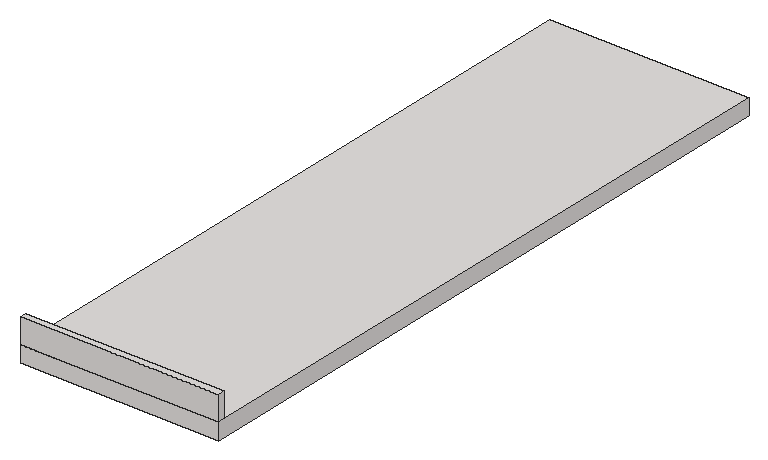
Revit family "Bancada_Ponta_Seca_Lab", category Plumbing Fixtures, host Wall, Revit 2020
Family settings
  Host = Wall
  Round Connector Dimension = Use Diameter
  Part Type = Normal
  Always vertical = Yes
  Cut with Voids When Loaded = No
  Shared = No
  Room Calculation Point = Yes
Parameters (values of type "BAN_060x090_PON_SEC_LAB")
  Material_Bancada [instance] = CT_Bancadas_Labs
  Description = "Descrição do tipo"
  Default Elevation = 0.000 m
  Bancada_Profundidade = 0.600 m
  Bancada_Frente [instance] = 2.000 m
  Bancada_Altura = 0.900 m
Reference planes (m)
  plane 1: y = 0
  plane 2 "Back": y = 0.075
  plane 3: z = 0.9
  plane 4: x = -1.082628
  plane 5: x = -0.482628
  plane 6: y = 2.075
  plane 7: z = 0.85
  plane 8: z = 0.975
  plane 9: x = -0.782628
Forms (m)
  Extrusion 1, solid, material "CT_Bancadas_Labs" <- "Material_Bancada"
    sketch origin (0, 0, 0) x (1, 0, 0) y (0, 1, 0)
      loop
        line (-1.082628, 2.075) -> (-1.082628, 0.075) -> (-0.482628, 0.075) -> (-0.482628, 2.075) -> (-1.082628, 2.075)
    from 0.85 to 0.9
  Extrusion 2, solid, material "CT_Bancadas_Labs" <- "Material_Bancada"
    sketch origin (0, 0, 0) x (1, 0, 0) y (0, 1, 0)
      loop
        line (-1.082628, 0.075) -> (-0.482628, 0.075) -> (-0.482628, 0.095) -> (-1.082628, 0.095) -> (-1.082628, 0.075)
    from 0.9 to 0.975
Text (m)
  text "Frente" at (-1.787139, 0.59235, 0), in view "Ref. Level"
  text "Placement side" at (0, 1.827695, 2.917686), in view "Left"
  text "Placement side" at (0, 0.562268, 3.853606), in view "Right"
Dimensions and locks (m)
  locked: plane 2 "Back" to host wall
  "Bancada_Altura": level to plane 3
  "Bancada_Profundidade": plane 4 to plane 5
  plane 7 to plane 3 = 0.050 m
  "Bancada_Frente": plane 6 to plane 2 "Back"
  locked: plane 3 to plane 8 at 0.075
  locked: host wall to Extrusion 2 sketch curve at 0.02
  equal spacing: plane 4, plane 9, plane 5
  aligned and locked: host wall to plane 1
  aligned and locked: Extrusion 1 sketch curve to plane 6
  aligned and locked: plane 4 to Extrusion 1 sketch curve
  aligned and locked: Extrusion 1 sketch curve to plane 2 "Back"
  aligned and locked: Extrusion 1 sketch curve to plane 5
  aligned and locked: plane 3 to Extrusion 1
  aligned and locked: Extrusion 1 to plane 7
  aligned and locked: plane 2 "Back" to Extrusion 2 sketch curve
  aligned and locked: plane 5 to Extrusion 2 sketch curve
  aligned and locked: Extrusion 2 sketch curve to plane 4
  aligned and locked: plane 8 to Extrusion 2
  aligned and locked: Extrusion 2 to plane 3
